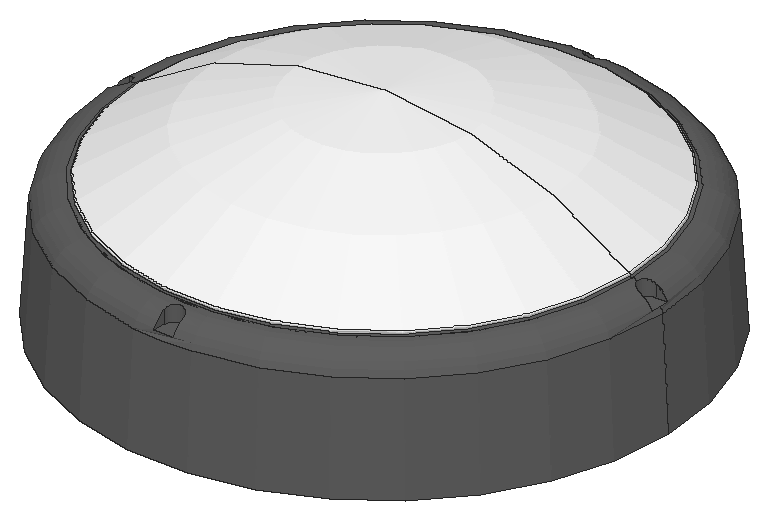
Revit family "4063835 Feilo Sylvania Lighting Fixtures STERLING BULKHEAD LED 4K BLK G2", category Lighting Fixtures, host Face, Revit 2017
Family settings
  Host = Face
  Round Connector Dimension = Use Diameter
  Part Type = Normal
  OmniClass Number = 23.80.70.00
  OmniClass Title = Lighting
  Cut with Voids When Loaded = No
  Light Source = Yes
  Shared = No
  Room Calculation Point = No
Parameters (values of type "4063835 STERLING BULKHEAD LED 4K BLK G2 High Efficiency ")
  Weight = "3.4 kg"
  Wattage Comments = "n/a"
  Wattage = 9 W
  WarrantyStartDate [instance] = "n/a"
  WarrantyGuarantorParts = "n/a"
  WarrantyDurationUnit = "n/a"
  WarrantyDurationParts = "n/a"
  WarrantyDescription = "n/a"
  built-in parameter 1150110 = 1 (stored number, unit not read)
  Voltage = 230 V
  URL = "http://www.sylvania-lighting.com"
  TypeName = "STERLING BULKHEAD LED 4K BLK G2"
  Type Image = <None>
  Type Comments = "n/a"
  built-in parameter 1114217 = 1 (stored number, unit not read)
  Tilt Angle = -90.00°
  built-in parameter 1150109 = 1 (stored number, unit not read)
  built-in parameter 1150134 = 12
  built-in parameter 1150113 = 1 (stored number, unit not read)
  SerialNumber [instance] = "n/a"
  ReflectorMaterial = none
  PowerFactor = 0.98
  PowerConsumption = "9 W"
  Photometric Web File = "4063835-HE.ies"
  NominalLength = 350 mm
  NominalHeight = 350 mm
  NominalDepth = 128 mm
  Name = "STERLING BULKHEAD LED 4K BLK G2"
  ModelReference = Name  # "STERLING BULKHEAD LED 4K BLK G2"
  ModelNumber = "4063835"
  Model = Name  # "STERLING BULKHEAD LED 4K BLK G2"
  Material = "polycarbonate diffuser"
  ManufacturerName = "Feilo Sylvania"
  Manufacturer = "Feilo Sylvania"
  LuminousEfficacy = "87 lm/W"
  built-in parameter 1150105 = 62.309 (stored number, unit not read)
  Lumens = 783 lm
  LuminaireType = ""
  built-in parameter 1150115 = 1 (stored number, unit not read)
  LightOutputRatio = "100"
  built-in parameter 1150137 = (empty or 0)
  built-in parameter 1150139 = (empty or 0)
  LampsType = Lamp  # "LED"
  LampNominalLuminous = "759 lm"
  LampMacAdamStep = "n/a"
  LampColourTemperature = "4000 K"
  LampColourRenderingIndex = "80"
  built-in parameter 1150112 = 1 (stored number, unit not read)
  built-in parameter 1150114 = 1 (stored number, unit not read)
  Lamp = "LED"
  Keynote = "16500"
  InstallationDate [instance] = "n/a"
  InputVoltage = "230-240V~"
  InputNominalFrequency = "50/60 Hz"
  built-in parameter 1150132 = (empty or 0)
  built-in parameter 1150102 = (empty or 0)
  built-in parameter 1150107 = 4000 (stored number, unit not read)
  built-in parameter 1150138 = (empty or 0)
  IngressProtection = "IP65"
  ImpactProtectionIndex = "IK10"
  built-in parameter 1150106 = 0.62309 (stored number, unit not read)
  IfcExportType = "IfcLightFixtureType"
  IfcExportAs = "IfcLightFixtureType"
  ExpectedLife = 50000
  Emit from Circle Diameter = 280 mm
  Emit Shape Visible in Rendering = no
  ElectricShockClassification = "Class I"
  built-in parameter 1150104 = 8.0826 (stored number, unit not read)
  DurationUnit = "hours"
  DocumentationLiterature = "http://www.sylvania-lighting.com/product/en-int/products/4063835"
  DimmingControlOptions = "n/a"
  Dimming Lamp Color Temperature Shift = <None>
  DiffuserMaterial = Diffuser-Sylvania-SterlingBulkhead-Opal
  Description = "Led exterior bulkhead, Unique feature allowing a choice between High Output or High Efficiency with the flick of a switch, die-cast aluminium body,  759/1477LM, 9/17W, 84/87LM/W, 4000K, Driver Current: 350/750mA, CRI80, Non dimmable, IP65, IK10, 50,000hrs (L70), (HxWxD) 350 x 350 x 128mm,  3.4kg, 3 step MacAdam ellipse,  RAL 9005, Class 1, 230V,  energy class: A++, A+, A"
  Default Elevation = 1219.2 mm
  CreatedOn = "22/11/2017"
  CreatedBy = ""
  Cost = 0
  Color Filter = 16777215
  built-in parameter 1114216 [instance] = (empty or 0)
  ClassificationValue = "EF_70_80"
  ClassificationName = "Uniclass2015"
  BodyMaterial = Body-Sylvania-SterlingBulkhead-Black
  BarCode [instance] = "n/a"
  built-in parameter 1114218 = 1 (stored number, unit not read)
  built-in parameter 1150133 = 10 (stored number, unit not read)
  AssetType = "Fixed"
  AssetIdentifier [instance] = "n/a"
  Assembly Code = "D5020200"
  Apparent Load = 9 VA
  AccessoryMaterial = none
Types (2, lengths in mm): name | Wattage | PowerConsumption | Photometric Web File | built-in parameter 1150105 | Lumens | LampNominalLuminous | built-in parameter 1150106 | Apparent Load
  4063835 STERLING BULKHEAD LED 4K BLK G2 High Efficiency | 9 W | "9 W" | "4063835-HE.ies" | 62.309 (stored number, unit not read) | 783 lm | "759 lm" | 0.62309 (stored number, unit not read) | 9 VA
  4063835 STERLING BULKHEAD LED 4K BLK G2 High Output | 17 W | "17 W" | "4063835-HO.ies" | 117.7 (stored number, unit not read) | 1479 lm | "1477 lm" | 1.177 (stored number, unit not read) | 17 VA
Reference planes
  plane 1 "Center (Front/Back)": y = 0
  plane 2: z = 0
  plane 3 "Center (Left/Right)": x = 0
  plane 4: x = 175
  plane 5: x = -175
  plane 6: y = 175
  plane 7: y = -175
  plane 8: z = 128
  plane 9: z = 65
  plane 10: x = -153
  plane 11: x = 153
  plane 12: x = -171
  plane 13: x = 171
  plane 14: z = 78
  plane 15: x = -156
  plane 16: x = 156
  plane 17: y = -6
  plane 18: y = 6
  plane 19: z = 68
  plane 20: x = 6
  plane 21: x = -6
Forms (mm)
  Revolve 1, solid, material "Body-Sylvania-SterlingBulkhead-Black" <- "BodyMaterial"
    sketch origin (0, 0, 0) x (1, 0, 0) y (0, 0, 1)
      loop
        line (0, 0) -> (0, 78) -> (-153, 78)
        arc (-153, 78) -> (-164.102, 74.41) -> (-171, 65) r 18.962
        line (-171, 65) -> (-175, 0) -> (0, 0)
      axis (0, 78) -> (0, 0)
    angle from 360 to 0
  Revolve 2, solid, material "Diffuser-Sylvania-SterlingBulkhead-Opal" <- "DiffuserMaterial"
    sketch origin (0, 0, 0) x (1, 0, 0) y (0, 0, 1)
      loop
        arc (0, 128) -> (-78.944, 115.68) -> (-150.381, 79.892) r 259.09
        arc (-150.381, 79.892) -> (-150.768, 78.725) -> (-149.775, 78) r 1.043
        line (-149.775, 78) -> (0, 78) -> (0, 128)
      axis (0, 128) -> (0, 78)
    angle from 360 to 0
  Extrusion 3, void
    sketch origin (1223.4, -4572, 78) x (-1, 0, 0) y (0, -1, 0)
      loop
        line (1398.4, -4578) -> (1398.4, -4566) -> (1385.424, -4566)
        arc (1385.424, -4566) -> (1379.424, -4572) -> (1385.424, -4578) r 6
        line (1385.424, -4578) -> (1398.4, -4578)
      loop
        line (1048.4, -4566) -> (1048.4, -4578) -> (1061.4, -4578)
        arc (1061.4, -4578) -> (1067.4, -4572) -> (1061.4, -4566) r 6
        line (1061.4, -4566) -> (1048.4, -4566)
      loop
        line (1229.4, -4747) -> (1229.4, -4734)
        arc (1229.4, -4734) -> (1223.4, -4728) -> (1217.4, -4734) r 6
        line (1217.4, -4734) -> (1217.4, -4747) -> (1229.4, -4747)
      loop
        line (1229.4, -4397) -> (1217.4, -4397) -> (1217.4, -4410)
        arc (1217.4, -4410) -> (1223.4, -4416) -> (1229.4, -4410) r 6
        line (1229.4, -4410) -> (1229.4, -4397)
    from 0 to -10
Cuts and joins
  Extrusion 3 cuts Revolve 1
Dimensions and locks
  equal spacing: plane 5, plane 3 "Center (Left/Right)", plane 4
  locked: plane 5 to plane 4 at 350
  equal spacing: plane 7, plane 1 "Center (Front/Back)", plane 6
  locked: plane 7 to plane 6 at 350
  locked: plane 8 to plane 2 at 128
  locked: plane 9 to plane 2 at 65
  equal spacing: plane 11, plane 3 "Center (Left/Right)", plane 10
  locked: plane 10 to plane 5 at 22
  equal spacing: plane 13, plane 3 "Center (Left/Right)", plane 12
  locked: plane 12 to plane 5 at 4
  locked: plane 14 to plane 9 at 13
  locked: plane 8 to Revolve 2 sketch curve at 259.09
  equal spacing: plane 15, plane 3 "Center (Left/Right)", plane 16
  locked: plane 15 to plane 10 at 3
  equal spacing: plane 17, plane 1 "Center (Front/Back)", plane 18
  locked: plane 17 to plane 1 "Center (Front/Back)" at 6
  locked: plane 5 to Extrusion 3 sketch curve at 18.976
  locked: Extrusion 3 sketch curve to plane 4 at 19
  plane 19 to plane 9 = 3 mm
  equal spacing: plane 21, plane 3 "Center (Left/Right)", plane 20
  locked: plane 21 to plane 3 "Center (Left/Right)" at 6
  locked: Extrusion 3 sketch curve to plane 6 at 19
  locked: plane 7 to Extrusion 3 sketch curve at 13
  aligned and locked: plane 2 to host face
  aligned and locked: level to host face
  aligned and locked: Revolve 1 sketch curve to plane 3 "Center (Left/Right)"  (x2)
  aligned and locked: level to Revolve 1 sketch curve
  aligned and locked: plane 9 to Revolve 1 sketch curve
  aligned and locked: plane 10 to Revolve 1 sketch curve  (x2)
  aligned and locked: plane 14 to Revolve 1 sketch curve
  aligned and locked: Revolve 2 sketch curve to plane 3 "Center (Left/Right)"
  aligned and locked: plane 14 to Revolve 2 sketch curve
  aligned and locked: plane 3 "Center (Left/Right)" to Revolve 2 sketch curve  (x2)
  aligned and locked: Extrusion 3 sketch curve to plane 5
  aligned and locked: plane 18 to Extrusion 3 sketch curve
  aligned and locked: plane 17 to Extrusion 3 sketch curve  (x2)
  aligned and locked: plane 1 "Center (Front/Back)" to Extrusion 3 sketch curve  (x2)
  aligned and locked: plane 4 to Extrusion 3 sketch curve
  aligned and locked: Extrusion 3 sketch curve to plane 18
  aligned and locked: Extrusion 3 to plane 14
  aligned and locked: plane 19 to Extrusion 3
  aligned and locked: plane 21 to Extrusion 3 sketch curve  (x2)
  aligned and locked: plane 6 to Extrusion 3 sketch curve
  aligned and locked: Extrusion 3 sketch curve to plane 20
  aligned and locked: plane 3 "Center (Left/Right)" to Extrusion 3 sketch curve  (x2)
  aligned and locked: plane 7 to Extrusion 3 sketch curve
  aligned and locked: plane 20 to Extrusion 3 sketch curve
  aligned and locked: plane 3 "Center (Left/Right)" to imposter light
  aligned and locked: imposter light to plane 8
  aligned and locked: imposter light to plane 1 "Center (Front/Back)"
Automatic sketch dimensions
  host sketch curve to host sketch curve = 2438.4 mm  (x2)
  Revolve 1 sketch curve to plane 5 = 0 mm
  Revolve 1 sketch curve to plane 12 = 0 mm
  Revolve 1 sketch curve to level = 609.6 mm
  Revolve 1 sketch curve to plane 8 = 2481.058 mm
  Revolve 2 sketch curve to plane 8 = 0 mm
  Revolve 2 sketch curve to Revolve 2 sketch curve = 0.605 mm
  Revolve 2 sketch curve to Revolve 2 sketch curve = 478.51 mm
  Revolve 2 sketch curve to Revolve 2 sketch curve = 2481.058 mm
  Revolve 2 sketch curve to plane 14 = 1.043 mm
Connectors
  electrical at (0, 0, 0), driven by "Apparent Load", driven by "PowerFactor", driven by "Voltage"
    settings: index 1, voltage 230 V, apparent load 9 VA, apparent load phase1 0 VA, apparent load phase2 0 VA, apparent load phase3 0 VA, power factor 0.98, load classification "Lighting", number of poles 1, system type 30, power factor state 1, is connector primary yes, connector utility no, sub classification motor no, connector description ""
